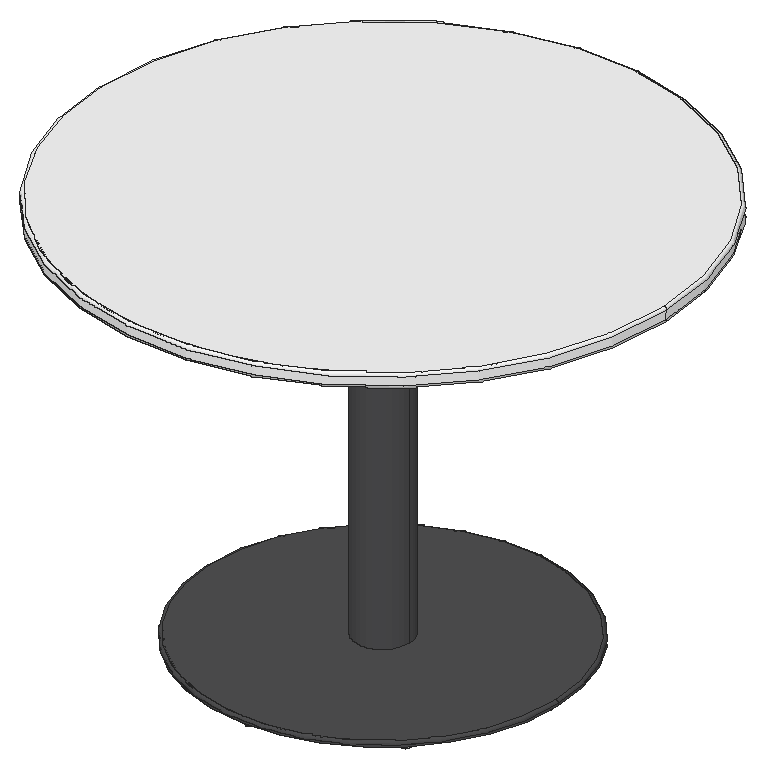
Revit family "NAU_Naughtone_Tbls_Tier_Metric_AFTERQA", category Furniture, Revit 2020
Family settings
  OmniClass Number = 23.40.20.00
  OmniClass Title = General Furniture and Specialties
  Work Plane-Based = No
  Always vertical = Yes
  Cut with Voids When Loaded = No
  Shared = No
  Room Calculation Point = No
Parameters (values of type "Tier 1050 Circular Café Table")
  a = BaseRadius - 18 mm  # 307 mm
  WorksurfaceArea = 0.00 m²
  WarrantyStartDate [instance] = "1900-12-31T23:59:59"
  WarrantyGuarantorParts = "sales@naughtone.com"
  WarrantyGuarantorLabor = "sales@naughtone.com"
  WarrantyDurationUnit = "year"
  WarrantyDurationParts = "10"  # constant formula
  WarrantyDurationLabor = "10"  # constant formula
  WarrantyDescription = "Request warranty information from naughtone"  # constant formula
  Version = "1"
  Uniclass2015Version = "Products v1.26"  # constant formula
  Uniclass2015Title = "Desks, tables and worktops"  # constant formula
  Uniclass2015Code = "Pr_40_50_21"  # constant formula
  Uniclass2 = "n/a"
  UndersidePlate = if(NominalLength < 1000 mm, 250 mm, 400 mm)  # 400 mm
  URL = "www.naughtone.com"
  Type Comments = ""
  TagNumber [instance] = "n/a"
  TableTopMaterial [instance] = NAU_Generic_MFMDF_White
  SustainabilityPerformance = "n/a"
  Style = "n/a"
  Size = "1050 x 1050 x 740mm"
  Shape = "Circular"
  SerialNumber [instance] = "n/a"
  Revision = "n/a"
  ReplacementCost = "n/a"
  Radius = NominalLength / 2  # 525 mm
  ProductInformation = "https://www.naughtone.com"
  NominalWidth = NominalLength  # 1050 mm
  NominalLength = 1050 mm
  NominalHeight = 740 mm
  Name = "Tables_Tier_Naughtone"  # constant formula
  NBSTypeID = "n/a"
  NBSReference = "45-35-86/327"  # constant formula
  NBSOfficeMasterTag = "n/a"
  NBSDescription = "Tables"  # constant formula
  ModelReference = "Tier 1050 Circular Café Table"
  ModelNumber = "NOTIE31050D"
  Model = "n/a"
  Material = "Base in steel. Top in MFMDF, veneered MDF, or Forbo bonded to MDF"  # constant formula
  ManufacturerURL = "www.naughtone.com"
  ManufacturerName = "Naughtone"  # constant formula
  ManufacturerAddress = "Knaresborough Tech Park, Manse Lane, Knaresborough, HG5 8LF"  # constant formula
  Manufacturer = "sales@naughtone.com"  # constant formula
  MainColor = "n/a"
  LegRadius = if(and(NominalLength < 650 mm, NominalLength > 500 mm), 50 mm / 2, if(and(NominalLength > 600 mm, NominalLength < 1000 mm), 80 mm / 2, if(and(NominalLength > 1000 mm, NominalLength < 1600 mm), 100 mm / 2, 0 mm)))  # 50 mm
  Keynote = "n/a"
  IsSquareTableTop = no
  IsCircularTableTop = yes
  InstallationDate [instance] = "1900-12-31T23:59:59"
  IfcExportType = "TABLE"  # constant formula
  IfcExportAs = "IfcFurnishingElementType"  # constant formula
  Grade = "n/a"
  FrameMaterial [instance] = NAU_Generic_Metal_Steel_PowderCoatedSteelRAL9005Black
  Finish = "Base is powdercoated steel in RAL 9005 black\r\n"  # constant formula
  Features = "Base plate and stem can come in different RAL finishes. See Tier - Options Breakdown document"  # constant formula
  ExpectedLife = "n/a"
  DurationUnit = "year"
  Description = "n/a"
  Default Elevation = 0 mm
  ContactTelephoneNumber = "+44 (0) 1423 816500"  # constant formula
  ContactEmailAddress = "sales@naughtone.com"  # constant formula
  Constituents = "n/a"
  Color = "Black base. White MFMDF top"  # constant formula
  CodePerformance = "n/a"
  Category = "Pr_40_50_21 : Desks, tables and worktops"  # constant formula
  BaseRadius = if(and(NominalLength < 650 mm, NominalLength > 500 mm), 450 mm / 2, if(and(NominalLength > 600 mm, NominalLength < 1000 mm), 550 mm / 2, if(and(NominalLength > 1000 mm, NominalLength < 1600 mm), 650 mm / 2, 0 mm)))  # 325 mm
  BarCode [instance] = "n/a"
  BIMObjectName = "NAU_Naughtone_Tables_Tier"  # constant formula
  Author = "BIMBox"  # constant formula
  AssetType = "Movable"  # constant formula
  AssetIdentifier [instance] = "n/a"
  Assembly Code = "E2020200"
  AccessibilityPerformance = "n/a"
Types (14, lengths in mm): name | a | UndersidePlate | Size | Shape | Radius | NominalWidth | NominalLength | NominalHeight | ModelReference | ModelNumber | Model | LegRadius | Keynote | IsSquareTableTop | IsCircularTableTop | Description | BaseRadius
  (no name) | 307 | 400 | "1050 x 1050 x 740mm" | "Circular" | 525 | 1050 | 1050 | 740 | "Tier 1050 Circular Café Table" | "NOTIE31050D" | "n/a" | 50 | "n/a" | no | yes | "n/a" | 325
  Tier 600 Circular Café Table | 207 | 250 | "600 x 600 x 740mm" | "Circular" | 300 | 600 | 600 | 740 | "Tier 600 Circular Café Table" | "NOTIE3600D" | "" | 25 | "" | no | yes | "" | 225
  Tier 750 Circular Café Table | 257 | 250 | "750 x 750 x 740mm" | "Circular" | 375 | 750 | 750 | 740 | "Tier 750 Circular Café Table" | "NOTIE3750D" | "" | 40 | "" | no | yes | "" | 275
  Tier 900 Circular Café Table | 257 | 250 | "900 x 900 x 740mm" | "Circular" | 450 | 900 | 900 | 740 | "Tier 900 Circular Café Table" | "NOTIE3900D" | "" | 40 | "" | no | yes | "" | 275
  Tier 1050 Circular Café Table | 307 | 400 | "1050 x 1050 x 740mm" | "Circular" | 525 | 1050 | 1050 | 740 | "Tier 1050 Circular Café Table" | "NOTIE31050D" | "n/a" | 50 | "n/a" | no | yes | "n/a" | 325
  Tier 1200 Circular Café Table | 307 | 400 | "1200 x 1200 x 740mm" | "Circular" | 600 | 1200 | 1200 | 740 | "Tier 1200 Circular Café Table" | "NOTIE31200D" | "" | 50 | "" | no | yes | "" | 325
  Tier 600 Square Café Table | 207 | 250 | "600 x 600 x 740mm" | "Square" | 300 | 600 | 600 | 740 | "Tier 600 Square Café Table" | "NOTIE3600S" | "" | 25 | "" | yes | no | "" | 225
  Tier 750 Square Café Table | 257 | 250 | "750 x 750 x 740mm" | "Square" | 375 | 750 | 750 | 740 | "Tier 750 Square Café Table" | "NOTIE3750S" | "" | 40 | "" | yes | no | "" | 275
  Tier 900 Square Café Table | 257 | 250 | "900 x 900 x 740mm" | "Square" | 450 | 900 | 900 | 740 | "Tier 900 Square Café Table" | "NOTIE3900S" | "" | 40 | "" | yes | no | "" | 275
  Tier 1050 Square Café Table | 307 | 400 | "1050 x 1050 x 740mm" | "Square" | 525 | 1050 | 1050 | 740 | "Tier 1050 Square Café Table" | "NOTIE31050S" | "" | 50 | "" | yes | no | "" | 325
  Tier 1200 Square Café Table | 307 | 400 | "1200 x 1200 x 740mm" | "Square" | 600 | 1200 | 1200 | 740 | "Tier 1200 Square Café Table" | "NOTIE31200S" | "" | 50 | "" | yes | no | "" | 325
  Tier 600 Circular Bar Height Table | 207 | 250 | "600 x 600 x 1050mm" | "Circular" | 300 | 600 | 600 | 1050 | "Tier 600 Circular Bar Height Table" | "NOTIE5600D" | "" | 25 | "" | no | yes | "" | 225
  Tier 600 Square Bar Height Table | 207 | 250 | "600 x 600 x 1050mm" | "Square" | 300 | 600 | 600 | 1050 | "Tier 600 Square Bar Height Table" | "NOTIE5600S" | "" | 25 | "" | yes | no | "" | 225
  Tier 1500 Circular Café Table | 307 | 400 | "1500 x 1500 x 740mm" | "Circular" | 750 | 1500 | 1500 | 740 | "Tier 1500 Circular Café Table" | "NOTIE31500D" | "" | 50 | "" | no | yes | "" | 325
Reference planes
  plane 1 "Center (Front/Back)": y = 0
  plane 2: z = 0
  plane 3 "Center (Left/Right)": x = 0
  plane 4: z = 740
  plane 5: z = 715
  plane 6: z = 17
  plane 7: z = 9
  plane 8: z = 709
  plane 9: x = -200
  plane 10: x = 200
  plane 11: y = 200
  plane 12: y = -200
  plane 13: x = -525
  plane 14: x = 525
  plane 15: y = 525
  plane 16: y = -525
Forms (mm)
  Extrusion 1, solid, material "NAU_Generic_MFMDF_White" <- "TableTopMaterial", visible <- "IsCircularTableTop"
    sketch origin (0, 0, 0) x (1, 0, 0) y (0, 1, 0)
      loop
        circle (0, 0) r 525
    from 740 to 715
  Sweep 2, void
    path in 3D
      loop
        arc (525, 0, 740) -> (0, -525, 740) -> (-525, 0, 740) r 525
        arc (-525, 0, 740) -> (0, 525, 740) -> (525, 0, 740) r 525
    profile origin (0, 525, 740) x (0, 1, 0) y (0, 0, 1)
      loop
        line (0, 0) -> (-5, 0)
        arc (-5, 0) -> (-1.464, -1.464) -> (0, -5) r 5
        line (0, -5) -> (0, 0)
  Sweep 3, void
    path in 3D
      loop
        arc (525, 0, 715) -> (0, 525, 715) -> (-525, 0, 715) r 525
        arc (-525, 0, 715) -> (0, -525, 715) -> (525, 0, 715) r 525
    profile origin (0, -525, 715) x (0, -1, 0) y (0, 0, -1)
      loop
        line (0, 0) -> (-5, 0)
        arc (-5, 0) -> (-1.464, -1.464) -> (0, -5) r 5
        line (0, -5) -> (0, 0)
  Extrusion 4, solid, material "NAU_Generic_Metal_Steel_PowderCoatedSteelRAL9005Black" <- "FrameMaterial"
    sketch origin (0, 0, 0) x (1, 0, 0) y (0, 1, 0)
      loop
        circle (0, 0) r 50
    from 17 to 709
  Extrusion 5, solid, material "NAU_Generic_Metal_Steel_PowderCoatedSteelRAL9005Black" <- "FrameMaterial"
    sketch origin (0, 0, 0) x (1, 0, 0) y (0, 1, 0)
      loop
        circle (0, 0) r 325
    from 9 to 17
  Sweep 6, void
    path in 3D
      loop
        arc (325, 0, 17) -> (0, -325, 17) -> (-325, 0, 17) r 325
        arc (-325, 0, 17) -> (0, 325, 17) -> (325, 0, 17) r 325
    profile origin (0, 325, 17) x (0, 1, 0) y (0, 0, 1)
      loop
        line (0, 0) -> (-5, 0)
        arc (-5, 0) -> (-1.464, -1.464) -> (0, -5) r 5
        line (0, -5) -> (0, 0)
  Extrusion 7, solid, material "NAU_Generic_Metal_Steel_PowderCoatedSteelRAL9005Black" <- "FrameMaterial"
    sketch origin (0, 0, 0) x (1, 0, 0) y (0, 1, 0)
      loop
        arc (-191.5, 200) -> (-197.51, 197.51) -> (-200, 191.5) r 8.5
        line (-200, 191.5) -> (-200, -191.5)
        arc (-200, -191.5) -> (-197.51, -197.51) -> (-191.5, -200) r 8.5
        line (-191.5, -200) -> (191.5, -200)
        arc (191.5, -200) -> (197.51, -197.51) -> (200, -191.5) r 8.5
        line (200, -191.5) -> (200, 191.5)
        arc (200, 191.5) -> (197.51, 197.51) -> (191.5, 200) r 8.5
        line (191.5, 200) -> (-191.5, 200)
    from 709 to 715
  Sweep 8, void
    path in 3D
      loop
        arc (200, -191.5, 709) -> (197.51, -197.51, 709) -> (191.5, -200, 709) r 8.5
        line (191.5, -200, 709) -> (-191.5, -200, 709)
        arc (-191.5, -200, 709) -> (-197.51, -197.51, 709) -> (-200, -191.5, 709) r 8.5
        line (-200, -191.5, 709) -> (-200, 191.5, 709)
        arc (-200, 191.5, 709) -> (-197.51, 197.51, 709) -> (-191.5, 200, 709) r 8.5
        line (-191.5, 200, 709) -> (191.5, 200, 709)
        arc (191.5, 200, 709) -> (197.51, 197.51, 709) -> (200, 191.5, 709) r 8.5
        line (200, 191.5, 709) -> (200, -191.5, 709)
    profile origin (200, 0, 709) x (-1, 0, 0) y (0, 0, -1)
      loop
        line (0, 0) -> (0, -3.197)
        arc (0, -3.197) -> (0.936, -0.936) -> (3.197, 0) r 3.197
        line (3.197, 0) -> (0, 0)
  Extrusion 9, solid, material "NAU_Generic_MFMDF_White" <- "TableTopMaterial", visible <- "IsSquareTableTop"
    sketch origin (0, 0, 0) x (1, 0, 0) y (0, 1, 0)
      loop
        line (-525, 525) -> (-525, -525) -> (525, -525) -> (525, 525) -> (-525, 525)
    from 715 to 740
  Sweep 10, void
    path in 3D
      loop
        line (525, -525, 740) -> (525, 525, 740) -> (-525, 525, 740) -> (-525, -525, 740) -> (525, -525, 740)
    profile origin (0, -525, 740) x (0, 1, 0) y (0, 0, 1)
      loop
        line (0, 0) -> (0, -5)
        arc (0, -5) -> (1.464, -1.464) -> (5, 0) r 5
        line (5, 0) -> (0, 0)
  Sweep 11, void
    path in 3D
      loop
        line (525, -525, 715) -> (-525, -525, 715) -> (-525, 525, 715) -> (525, 525, 715) -> (525, -525, 715)
    profile origin (525, 0, 715) x (-1, 0, 0) y (0, 0, -1)
      loop
        line (0, 0) -> (0, -5)
        arc (0, -5) -> (1.464, -1.464) -> (5, 0) r 5
        line (5, 0) -> (0, 0)
Cuts and joins
  Sweep 2, Sweep 3 cuts Extrusion 1
  Sweep 6 cuts Extrusion 5
  Sweep 8 cuts Extrusion 7
  Sweep 10, Sweep 11 cuts Extrusion 9
Lines and regions (mm)
  sketch lines
    curve 1: arc (-525, 0, 740) -> (0, 525, 740) -> (525, 0, 740) r 525
    curve 2: arc (525, 0, 740) -> (0, -525, 740) -> (-525, 0, 740) r 525
    curve 3: arc (-525, 0, 715) -> (0, -525, 715) -> (525, 0, 715) r 525
    curve 4: arc (525, 0, 715) -> (0, 525, 715) -> (-525, 0, 715) r 525
    curve 5: arc (-325, 0, 17) -> (0, 325, 17) -> (325, 0, 17) r 325
    curve 6: arc (325, 0, 17) -> (0, -325, 17) -> (-325, 0, 17) r 325
    curve 7: line (200, 191.5, 709) -> (200, -191.5, 709)
    curve 8: arc (191.5, -200, 709) -> (197.51, -197.51, 709) -> (200, -191.5, 709) r 8.5
    curve 9: line (191.5, -200, 709) -> (-191.5, -200, 709)
    curve 10: arc (-200, -191.5, 709) -> (-197.51, -197.51, 709) -> (-191.5, -200, 709) r 8.5
    curve 11: line (-200, -191.5, 709) -> (-200, 191.5, 709)
    curve 12: arc (-191.5, 200, 709) -> (-197.51, 197.51, 709) -> (-200, 191.5, 709) r 8.5
    curve 13: line (-191.5, 200, 709) -> (191.5, 200, 709)
    curve 14: arc (200, 191.5, 709) -> (197.51, 197.51, 709) -> (191.5, 200, 709) r 8.5
    curve 15: line (-525, -525, 740) -> (525, -525, 740)
    curve 16: line (525, 525, 740) -> (-525, 525, 740)
    curve 17: line (-525, 525, 740) -> (-525, -525, 740)
    curve 18: line (525, -525, 740) -> (525, 525, 740)
    curve 19: line (525, 525, 715) -> (525, -525, 715)
    curve 20: line (-525, 525, 715) -> (525, 525, 715)
    curve 21: line (-525, -525, 715) -> (-525, 525, 715)
    curve 22: line (525, -525, 715) -> (-525, -525, 715)
  reference lines
    curve 23: line (-217.258, 216.905, 0) -> (0, 0, 0)
    curve 24: line (217.258, 216.905, 0) -> (0, 0, 0)
    curve 25: line (217.258, -216.905, 0) -> (0, 0, 0)
    curve 26: line (-217.298, -216.865, 0) -> (0, 0, 0)
    curve 27: line (0, 0, 0) -> (-307, 0, 0)
    curve 28: line (0, 0, 0) -> (307, 0, 0)
    curve 29: line (0, 307, 0) -> (0, 0, 0)
    curve 30: line (0, -307, 0) -> (0, 0, 0)
Dimensions and locks
  locked: plane 4 to plane 5 at 25
  locked: plane 6 to plane 7 at 8
  locked: plane 7 to plane 2 at 9
  locked: plane 5 to plane 8 at 6
  equal spacing: plane 11, plane 1 "Center (Front/Back)", plane 12
  "UndersidePlate": plane 12 to plane 11
  equal spacing: plane 9, plane 3 "Center (Left/Right)", plane 10
  "UndersidePlate": plane 9 to plane 10
  locked: plane 9 to Extrusion 7 sketch curve at 8.5  (x2)
  locked: plane 11 to Extrusion 7 sketch curve at 8.5  (x2)
  locked: plane 12 to Extrusion 7 sketch curve at 8.5  (x2)
  locked: Extrusion 7 sketch curve to plane 10 at 8.5  (x2)
  equal spacing: plane 16, plane 1 "Center (Front/Back)", plane 15
  "NominalLength": plane 16 to plane 15
  equal spacing: plane 13, plane 3 "Center (Left/Right)", plane 14
  "NominalLength": plane 13 to plane 14
  "NominalHeight": plane 4 to plane 2
  "a": curve 29 to curve 29
  "a": curve 23 to curve 23
  "a": curve 24 to curve 24
  "a": curve 28 to curve 28
  "a": curve 25 to curve 25
  "a": curve 30 to curve 30
  "a": curve 26 to curve 26
  "a": curve 27 to curve 27
  "Radius": radius of Extrusion 1 sketch curve
  "BaseRadius": radius of Extrusion 5 sketch curve
  "LegRadius": radius of Extrusion 4 sketch curve
  locked: curve 23 to curve 27 (angle 44.9534°)
  locked: curve 29 to curve 23 (angle 45.0466°)
  locked: curve 24 to curve 29 (angle 45.0466°)
  locked: curve 27 to curve 26 (angle 44.9428°)
  locked: curve 26 to curve 30 (angle 45.0572°)
  locked: curve 30 to curve 25 (angle 45.0466°)
  locked: curve 25 to curve 28 (angle 44.9534°)
  angle curve 28 to curve 24 = 44.9534°
  aligned and locked: level to plane 2
  aligned and locked: Extrusion 1 to plane 4
  aligned and locked: plane 5 to Extrusion 1
  aligned and locked: plane 3 "Center (Left/Right)" to Extrusion 4 sketch curve
  aligned and locked: plane 1 "Center (Front/Back)" to Extrusion 4 sketch curve
  aligned and locked: plane 3 "Center (Left/Right)" to Extrusion 5 sketch curve
  aligned and locked: plane 1 "Center (Front/Back)" to Extrusion 5 sketch curve
  aligned and locked: plane 7 to Extrusion 5
  aligned and locked: Extrusion 5 to plane 6
  aligned and locked: Extrusion 4 to plane 8
  aligned and locked: plane 6 to Extrusion 4
  aligned and locked: Extrusion 7 sketch curve to plane 9
  aligned and locked: Extrusion 7 sketch curve to plane 11
  aligned and locked: plane 10 to Extrusion 7 sketch curve
  aligned and locked: Extrusion 7 to plane 5
  aligned and locked: plane 8 to Extrusion 7
  aligned and locked: plane 16 to Extrusion 9 sketch curve
  aligned and locked: plane 15 to Extrusion 9 sketch curve
  aligned and locked: Extrusion 9 sketch curve to plane 14
  aligned and locked: Extrusion 9 sketch curve to plane 13
  aligned and locked: plane 5 to Extrusion 9
  aligned and locked: Extrusion 9 to plane 4
  aligned and locked: plane 3 "Center (Left/Right)" to curve 23
  aligned and locked: plane 1 "Center (Front/Back)" to curve 23
  aligned and locked: nested 1 to curve 23  (x2)
  aligned and locked: plane 1 "Center (Front/Back)" to nested 2
  aligned and locked: nested 3 to plane 1 "Center (Front/Back)"
  aligned and locked: nested 2 to curve 27
  aligned and locked: nested 3 to curve 28
  aligned and locked: nested 4 to curve 30
  aligned and locked: plane 3 "Center (Left/Right)" to nested 4
  aligned and locked: nested 5 to curve 29
  aligned and locked: nested 5 to plane 3 "Center (Left/Right)"
  aligned and locked: nested 6 to curve 24
  aligned and locked: nested 7 to curve 26  (x2)
  aligned and locked: nested 8 to curve 25  (x2)
Automatic sketch dimensions
  Sweep 2 sketch curve to profile plane = 0 mm  (x2)
  profile plane to Sweep 2 sketch curve = 5 mm
  profile plane to Sweep 3 sketch curve = 0 mm
  Sweep 3 sketch curve to profile plane = 0 mm
  profile plane to Sweep 3 sketch curve = 5 mm
  Sweep 3 sketch curve to Sweep 3 sketch curve = 0 mm
  Sweep 6 sketch curve to profile plane = 0 mm  (x2)
  profile plane to Sweep 6 sketch curve = 5 mm
  Sweep 8 sketch curve to profile plane = 0 mm  (x2)
  Sweep 8 sketch curve to profile plane = 3.197 mm
  Sweep 10 sketch curve to profile plane = 0 mm  (x2)
  Sweep 10 sketch curve to Sweep 10 sketch curve = 5 mm
  Sweep 11 sketch curve to profile plane = 0 mm  (x2)
  Sweep 11 sketch curve to profile plane = 5 mm
  plane 1 "Center (Front/Back)" to Extrusion 1 sketch curve = 0 mm
  Extrusion 1 sketch curve to plane 3 "Center (Left/Right)" = 0 mm
Nested families
  nested 1: "Family1" at (-217.258, 216.905, 0) x (0.7071, 0.7071, 0) z (0, 0, 1), type "Family1"
    with FootMaterial NAU_Generic_Plastic_Black
  nested 2: "Family1" at (-307, 0, 0), type "Family1"
    with FootMaterial NAU_Generic_Plastic_Black
  nested 3: "Family1" at (307, 0, 0) x (-1, 0, 0) z (0, 0, 1), type "Family1"
    with FootMaterial NAU_Generic_Plastic_Black
  nested 4: "Family1" at (0, -307, 0), type "Family1"
    with FootMaterial NAU_Generic_Plastic_Black
  nested 5: "Family1" at (0, 307, 0), type "Family1"
    with FootMaterial NAU_Generic_Plastic_Black
  nested 6: "Family1" at (217.201, 216.963, 0) x (-0.7071, 0.7071, 0) z (0, 0, 1), type "Family1"
    with FootMaterial NAU_Generic_Plastic_Black
  nested 7: "Family1" at (-217.298, -216.865, 0), type "Family1"
    with FootMaterial NAU_Generic_Plastic_Black
  nested 8: "Family1" at (217.258, -216.905, 0) x (-1, 0, 0) z (0, 0, 1), type "Family1"
    with FootMaterial NAU_Generic_Plastic_Black
Definition of nested family "Family1"
  Parameters (values of type "Family1")
    FootMaterial [instance] = none
    Default Elevation = 0 mm
  Reference planes
    plane 1 "Center (Front/Back)": y = 0
    plane 2: z = 0
    plane 3 "Center (Left/Right)": x = 0
  Forms (mm)
    Revolve 1, solid, material <- "FootMaterial"
      sketch origin (0.322, -306.818, 0) x (0, 1, 0) y (0, 0, 1)
        loop
          line (315.821, 9) -> (306.818, 9) -> (306.818, 0) -> (313.929, 0)
          arc (313.929, 0) -> (314.596, 0.255) -> (314.923, 0.89) r 1
          line (314.923, 0.89) -> (315.821, 9)
        axis (306.818, 0) -> (306.818, 9)
      angle from 0 to 360
  Lines and regions (mm)
    reference lines
      curve 1: line (0, 0, 0) -> (6.525, -6.525, 0)
  Dimensions and locks
    aligned and locked: level to plane 2
